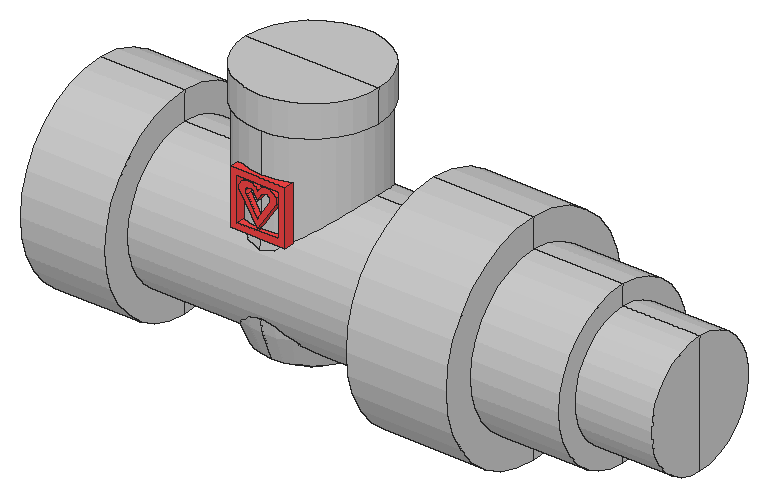
Revit family "RL-1 Rücklaufventil DG 3723", category Rohrzubehör, Revit 2018
Family settings
  Bemaßung runder Anschluss = Durchmesser verwenden
  Teiletyp = Unterbricht
  OmniClass-Nummer = 23.65.55.14
  OmniClass-Titel = Valves for Liquid Services
  Arbeitsebenenbasiert = Nein
  Immer vertikal = Nein
  Beim Laden mit Abzugskörper schneiden = Nein
  Gemeinsam genutzt = Nein
Parameters
  W01 = 60.00°  # constant formula
  URL = "www.herz-armaturen.at"
  SCRNSEQ = "ARM;ARM_TYP=\"ALLF\";2"
  SCRNCODE = "05;01;02"  # constant formula
  S04 = 45.000 mm  # constant formula
  S03 = 61.000 mm  # constant formula
  S02 [instance] = L05 + L06 + L07  # 63.900 mm
  S01 = 10.000 mm  # constant formula
  R06 = 11.000 mm  # constant formula
  R05 = 25.000 mm  # constant formula
  R04 = 2.000 mm  # constant formula
  R03 = 28.000 mm  # constant formula
  R02 = 11.500 mm  # constant formula
  R01 = 10.500 mm  # constant formula
  Nennweite [instance] = 20.000 mm
  Medium = "Heizwasserqualität entsprechend ÖNORM H 5195 bzw. VDI-Richtllinie 2035"
  Max.Betriebstemperatur = 120 °C  # constant formula
  Max.Betriebsdruck = 1000000.0 Pa  # constant formula
  LO1 = 7.000 mm  # constant formula
  L07 [instance] = size_lookup("3723_1_", "L7", 1.000 mm, Nennweite)  # 27.400 mm
  L06 [instance] = size_lookup("3723_1_", "L6", 1.000 mm, Nennweite)  # 16.500 mm
  L05 [instance] = L02 - L04  # 20.000 mm
  L04 [instance] = size_lookup("3723_1_", "L4", 1.000 mm, Nennweite)  # 10.000 mm
  L03 [instance] = size_lookup("3723_1_", "L3", 1.000 mm, Nennweite)  # 14.000 mm
  L02 [instance] = size_lookup("3723_1_", "L2", 1.000 mm, Nennweite)  # 30.000 mm
  L01 [instance] = size_lookup("3723_1_", "L1", 1.000 mm, Nennweite)  # 35.000 mm
  Hersteller = "HERZ Armaturen Ges.m.b.H."  # constant formula
  H05 = 5.200 mm  # constant formula
  H04 = 3.500 mm  # constant formula
  H03 = 28.000 mm  # constant formula
  H02 [instance] = 25.500 mm  # constant formula
  H01 = 17.000 mm  # constant formula
  Gehäuse = "vernickeltes Messing"  # constant formula
  GTI [instance] = size_lookup("3723_1_", "GT1", 1.000 mm, Nennweite)  # 12.700 mm
  GT [instance] = size_lookup("3723_1_", "GT", 1.000 mm, Nennweite)  # 9.500 mm
  G2 [instance] = Nennweite / 2  # 10.000 mm
  G1 [instance] = Nennweite / 2  # 10.000 mm
  D05 [instance] = size_lookup("3723_1_", "D5", 1.000 mm, Nennweite)  # 13.220 mm
  D04 [instance] = size_lookup("3723_1_", "D4", 1.000 mm, Nennweite)  # 18.000 mm
  D03 [instance] = size_lookup("3723_1_", "D3", 1.000 mm, Nennweite)  # 13.000 mm
  D02 [instance] = size_lookup("3723_1_", "D2", 1.000 mm, Nennweite)  # 12.000 mm
  D01 [instance] = size_lookup("3723_1_", "D1", 1.000 mm, Nennweite)  # 16.500 mm
  Bestellnummer [instance] = size_lookup("3723_1_", "Artnr", 0, Nennweite)  # 1372342
  Ausführungen = "Alle Modelle werden in vernickelter Ausführung geliefert und sind Universalmodelle mit Spezialmuffe für Gewinderohr und Klemmsetanschluß."
  Anwendungsgebiet = "Warmwasserheizungsanlagen\r\nDurch Einbau des Rücklaufventils ist der Heizkörper-Rücklaufanschluß absperrbar.\r\nDadurch kann bei gleichzeitiger Absperrung des Vorlaufventils der Heizkörper bei unter Druck stehender Anlage demontiert werden.\r\nEs ist dann möglich, Servicearbeiten oder Arbeiten an der Wand hinter dem Heizkörper (Tapezierung, Verﬂ iesung) durchzuführen, ohne die übrige Anlage stillsetzen zu müssen.\r\nIst eine Voreinstellung des Rücklaufventils oder Füllen und Entleeren von Heizkörper oder Anlage über das Rücklaufventil gefordert, wird der Einbau des Rücklaufventils HERZ-RL-5 empfohlen."
Reference planes
  plane 1 "Mitte (Vorne/hinten)": y = 0
  plane 2: z = 0
  plane 3 "Mitte (Links/rechts)": x = 0
Forms (mm)
  Revolve 1, solid, material "Messing, weicher Gelbton, geschweißt", detail levels fine
    sketch origin (0, 0, 0) x (1, 0, 0) y (0, 0, 1)
      loop
        line (-25.5, 0) -> (30, 0) -> (30, 13) -> (20, 13) -> (20, 12) -> (-21, 12) -> (-21, 16.5) -> (-35, 16.5) -> (-35, 10) -> (-25.5, 10) -> (-25.5, 0)
      axis (-35, 0) -> (30, 0)
    angle from 0 to 360
  Revolve 2, solid, material "Messing, weicher Gelbton, geschweißt", detail levels fine
    sketch origin (0, 0, 0) x (0, 1, 0) y (0, 0, 1)
      loop
        line (0, 25.5) -> (-10.5, 25.5) -> (-10.5, 7)
        arc (-10.5, 7) -> (-11.341, -2.816) -> (-8.325, -12.194) r 25
        line (-8.325, -12.194) -> (0, -17) -> (0, 25.5)
      axis (0, -17) -> (0, 25.5)
    angle from 0 to 360
  Revolve 3, solid, material "Messing, weicher Gelbton, geschweißt", detail levels fine
    sketch origin (0, 0, 0) x (1, 0, 0) y (0, 0, 1)
      loop
        line (30, 0) -> (63.9, 0) -> (63.9, 10) -> (51.2, 10) -> (51.2, 13.22) -> (36.5, 13.22) -> (36.5, 18) -> (20, 18) -> (20, 13) -> (30, 13) -> (30, 0)
      axis (20, 0) -> (63.9, 0)
    angle from 0 to 360
  Revolve 4, solid, material "Messing, weicher Gelbton, geschweißt", detail levels fine
    sketch origin (0, 0, 0) x (1, 0, 0) y (0, 0, 1)
      loop
        line (0, 22.8) -> (11, 22.8) -> (11, 28) -> (0, 28) -> (0, 22.8)
      axis (0, 28) -> (0, 22.8)
    angle from 0 to 360
Lines and regions (mm)
  model lines, detail levels coarse+medium
    curve 1: line (-35, 0, 16.5) -> (-35, 0, -16.5)
    curve 2: line (-35, 0, -16.5) -> (35, 0, 16.5)
    curve 3: line (35, 0, 16.5) -> (35, 0, -16.5)
    curve 4: line (35, 0, -16.5) -> (-35, 0, 16.5)
    curve 5: line (35, 0, 16.5) -> (45, 0, 16.5)
    curve 6: line (45, 0, 16.5) -> (35, 0, 0)
    curve 7: line (35, 0, -16.5) -> (45, 0, -16.5)
    curve 8: line (45, 0, -16.5) -> (35, 0, 0)
    curve 9: line (35, 0, 0) -> (63.9, 0, 0)
    curve 10: line (-35, 16.5, 0) -> (-35, -16.5, 0)
    curve 11: line (-35, -16.5, 0) -> (35, 16.5, 0)
    curve 12: line (35, 16.5, 0) -> (35, -16.5, 0)
    curve 13: line (35, -16.5, 0) -> (-35, 16.5, 0)
    curve 14: line (35, 16.5, 0) -> (45, 16.5, 0)
    curve 15: line (45, 16.5, 0) -> (35, 0, 0)
    curve 16: line (35, -16.5, 0) -> (45, -16.5, 0)
    curve 17: line (45, -16.5, 0) -> (35, 0, 0)
Dimensions and locks
  "L01": Revolve 1 sketch curve to plane 3 "Mitte (Links/rechts)"
  "L02": Revolve 1 sketch curve to plane 3 "Mitte (Links/rechts)"
  "G1": Revolve 1 sketch curve to plane 2
  "GT": Revolve 1 sketch curve to Revolve 1 sketch curve
  "D01": Revolve 1 sketch curve to Revolve 1 sketch curve
  "D02": Revolve 1 sketch curve to Revolve 1 sketch curve
  "D03": Revolve 1 sketch curve to Revolve 1 sketch curve
  "L03": Revolve 1 sketch curve to Revolve 1 sketch curve
  "L04": Revolve 1 sketch curve to Revolve 1 sketch curve
  "H01": plane 2 to Revolve 2 sketch curve
  "H02": Revolve 2 sketch curve to plane 2
  "R01": Revolve 2 sketch curve to plane 1 "Mitte (Vorne/hinten)"
  "R02": Revolve 2 sketch curve to plane 1 "Mitte (Vorne/hinten)"
  "D03": Revolve 3 sketch curve to plane 2
  "L04": Revolve 3 sketch curve to Revolve 3 sketch curve
  "L05": Revolve 3 sketch curve to plane 3 "Mitte (Links/rechts)"
  "L06": Revolve 3 sketch curve to Revolve 3 sketch curve
  "L07": Revolve 3 sketch curve to Revolve 3 sketch curve
  "D04": Revolve 3 sketch curve to Revolve 3 sketch curve
  "G2": Revolve 3 sketch curve to Revolve 3 sketch curve
  "D05": Revolve 3 sketch curve to Revolve 3 sketch curve
  "GTI": Revolve 3 sketch curve to Revolve 3 sketch curve
  "LO1": nested 1 to plane 2
  "D01": curve 4 to plane 2 to curve 2
  "D01": curve 3 to plane 2 to curve 4
  "L01": curve 1 to plane 3 "Mitte (Links/rechts)" to curve 3
  "S01": curve 3 to curve 6
  "S02": curve 9 to plane 3 "Mitte (Links/rechts)"
  "L01": curve 10 to plane 3 "Mitte (Links/rechts)" to curve 12
  "D01": curve 11 to plane 1 "Mitte (Vorne/hinten)" to curve 13
  "D01": curve 13 to plane 1 "Mitte (Vorne/hinten)" to curve 12
  "S01": curve 12 to curve 15
  "S01": curve 12 to curve 17
  "H03": Revolve 4 sketch curve to plane 2
  "H05": Revolve 4 sketch curve to Revolve 4 sketch curve
  "R06": Revolve 4 sketch curve to Revolve 4 sketch curve
  "R05": radius of Revolve 2 sketch curve
  "W01": angle Revolve 2 sketch curve to Revolve 2 sketch curve
  aligned and locked: level to plane 2
Automatic sketch dimensions
  curve 9 to level = 0.000 mm
  curve 3 to curve 8 = 10.000 mm
  plane 1 "Mitte (Vorne/hinten)" to curve 17 = 0.000 mm
  Revolve 1 sketch curve to level = 0.000 mm  (x2)
  Revolve 1 sketch curve to Revolve 1 sketch curve = 1436.530 mm
  Revolve 1 sketch curve to Revolve 1 sketch curve = 1779.148 mm
  Revolve 2 sketch curve to plane 1 "Mitte (Vorne/hinten)" = 0.000 mm  (x2)
  Revolve 2 sketch curve to level = 0.000 mm
  Revolve 2 sketch curve to Revolve 2 sketch curve = 98.333 mm
  Revolve 2 sketch curve to Revolve 2 sketch curve = 1236.335 mm
  Revolve 3 sketch curve to level = 0.000 mm  (x2)
  Revolve 3 sketch curve to plane 3 "Mitte (Links/rechts)" = 1506.530 mm
  Revolve 3 sketch curve to Revolve 3 sketch curve = 1789.648 mm
  Revolve 4 sketch curve to plane 3 "Mitte (Links/rechts)" = 0.000 mm  (x2)
  Revolve 4 sketch curve to level = 366.045 mm
  Revolve 4 sketch curve to Revolve 4 sketch curve = 2188.615 mm
Nested families
  nested 1: "Herz-Logo-vorne" at (0, -10.5, 11.5) x (0, 1, 0) z (0, 0, 1), type "Herz-Logo-vorne", detail levels fine
Connectors
  piping at (-25.5, 0, 0), diameter 20, driven by "Nennweite"
    settings: on Revolve 1, index 1, connector inside diameter 609.6 mm, connector length 0.000 mm, flow factor 0, pipe flow 0.0 L/s, pressure drop 0.0 Pa, fitting loss kfactor 0, connector angle 0.00°, fixture units 0, engagement length 0.000 mm, angle of deflection 0.00°, flow configuration 0, flow direction 1, fitting loss method 0, system type 8, joint type 0, gender type 0, connector reference index -1, connector utility 0, adjustable connector no, is connector primary yes, connector description ""
  piping at (63.9, 0, 0), diameter 20, driven by "Nennweite"
    settings: on Revolve 3, index 2, connector inside diameter 609.6 mm, connector length 0.000 mm, flow factor 0, pipe flow 0.0 L/s, pressure drop 0.0 Pa, fitting loss kfactor 0, connector angle 0.00°, fixture units 0, engagement length 0.000 mm, angle of deflection 0.00°, flow configuration 0, flow direction 2, fitting loss method 0, system type 8, joint type 0, gender type 0, connector reference index -1, connector utility 0, adjustable connector no, is connector primary no, connector description ""
Definition of nested family "Herz-Logo-vorne"
  Reference planes
    plane 1 "Mitte (Vorne/hinten)": y = 0
    plane 2: z = 0
    plane 3 "Mitte (Links/rechts)": x = 0
  Forms (mm)
    Extrusion 1, solid
      sketch origin (0.732, -0.018, 0.017) x (0, -1, 0) y (0, 0, 1)
        loop
          line (-0.018, -4.517) -> (4.482, -4.517) -> (4.482, 4.483) -> (-4.518, 4.483) -> (-4.518, -4.517) -> (-0.018, -4.517)
        loop
          line (-0.05, -3.48) -> (3.482, -3.48) -> (3.482, 3.483) -> (-3.518, 3.483) -> (-3.518, -3.48) -> (-0.05, -3.48)
        loop
          arc (-0.018, 2.383) -> (-1.543, 3.287) -> (-3.067, 2.383) r 1.738
          arc (-3.067, 2.383) -> (-3.191, 1.899) -> (-3.067, 1.415) r 1.009
          line (-3.067, 1.415) -> (-0.018, -3.281) -> (3.032, 1.415)
          arc (3.032, 1.415) -> (3.156, 1.899) -> (3.032, 2.383) r 1.009
          arc (3.032, 2.383) -> (1.507, 3.287) -> (-0.018, 2.383) r 1.738
        loop
          arc (1.885, 1.272) -> (2.005, 1.675) -> (1.885, 2.079) r 0.74
          arc (1.885, 2.079) -> (1.265, 2.416) -> (0.644, 2.079) r 0.74
          line (0.644, 2.079) -> (-0.018, 0.97) -> (-0.679, 2.079)
          arc (-0.679, 2.079) -> (-1.3, 2.416) -> (-1.921, 2.079) r 0.74
          arc (-1.921, 2.079) -> (-2.04, 1.675) -> (-1.921, 1.272) r 0.74
          line (-1.921, 1.272) -> (-0.018, -1.658) -> (1.885, 1.272)
      from 0 to 1.5
  Dimensions and locks
    aligned and locked: level to plane 2
